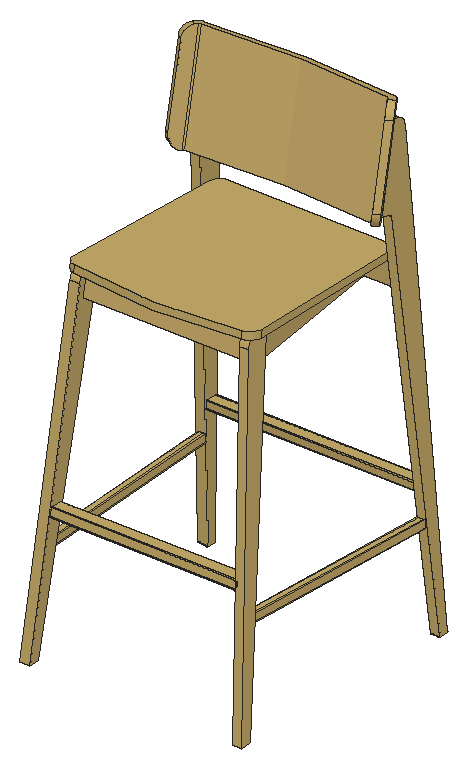
Revit family "FU_Stool_Sandler_Offset 3-1", category Furniture, Revit 2020
Family settings
  OmniClass Number = 23.40.20.00
  OmniClass Title = General Furniture and Specialties
  Work Plane-Based = No
  Always vertical = Yes
  Cut with Voids When Loaded = No
  Shared = No
  Room Calculation Point = No
Parameters (values of type "Offset 3.1")
  Width = 515 mm
  URL = "https://www.sandlerseating.com/product/offset-3-1/"
  Model = "Offset 3.1"
  Manufacturer = "Sandler"
  Height = 1045 mm
  Frame [instance] = Wood - Beech - 1024 Mustard
  Description = "Barstool with beech frame and wood seat and back."
  Depth = 520 mm
  Default Elevation = 0 mm
Reference planes
  plane 1 "Center (Front/Back)": y = 0
  plane 2: z = 0
  plane 3 "Center (Left/Right)": x = 0
  plane 4 "Right": x = -257.5
  plane 5 "Left": x = 257.5
  plane 6 "Back": y = 260
  plane 7 "Front": y = -260
  plane 8 "Height": z = 1045
  plane 9 "Seat height": z = 780
  plane 10 "BLL FRONT": through (247.5, -1524, 0.937) normal (-0.9986, 0, -0.0521)
  plane 11 "FLL FRONT": through (225.856, -1524, 0.915) normal (-0.998, 0, -0.0637)
  plane 12 "Seat Frame L TOP": through (178.677, -135.231, 1200) normal (-0.9878, -0.1554, 0)
  plane 13 "Stretch L TOP": through (211.103, -205.441, 1200) normal (-0.9986, 0.0534, 0)
  plane 14 "Stretch L RIGHT": z = 218.822
  plane 15 "Seat Base RIGHT": through (4267.2, -138.71, 729.062) normal (0, 0.0228, 0.9997)
  plane 16 "back angle right": through (4267.2, 161.186, 815.142) normal (0, -0.98, 0.199)
  plane 17 "back angle": through (-223.392, 154.748, 1200) normal (-0.7996, 0.6006, 0)
Forms (mm)
  Extrusion 1, solid, material "Wood - Beech - 1024 Mustard" <- "Frame"
    sketch origin (246.878, 0, 12.868) x (0.05205, 0, -0.998644) y (0, -1, 0)
      loop
        line (11.725, -239.873) -> (-808.902, -166.155)
        arc (-808.902, -166.155) -> (-811.141, -165.222) -> (-812.441, -163.174) r 4.035
        line (-812.441, -163.174) -> (-818.299, -141.169)
        arc (-818.299, -141.169) -> (-819.044, -140.162) -> (-820.277, -139.937) r 1.703
        line (-820.277, -139.937) -> (-980.841, -171.781)
        arc (-980.841, -171.781) -> (-981.997, -172.474) -> (-982.452, -173.743) r 2
        line (-982.452, -173.743) -> (-982.452, -188.595)
        arc (-982.452, -188.595) -> (-977.497, -202.935) -> (-963.817, -209.496) r 19.69
        line (-963.817, -209.496) -> (11.514, -259.923)
        arc (11.514, -259.923) -> (12.561, -259.536) -> (13.002, -258.51) r 1.415
        line (13.002, -258.51) -> (13.002, -241.271)
        arc (13.002, -241.271) -> (12.635, -240.324) -> (11.725, -239.873) r 1.403
    from -10 to 10
  Extrusion 2, solid, material "Wood - Beech - 1024 Mustard" <- "Frame"
    sketch origin (224.998, 0, 14.354) x (0.063666, 0, -0.997971) y (0, -1, 0)
      loop
        line (14.358, 237.808) -> (14.358, 260.148) -> (-698.693, 184.555)
        arc (-698.693, 184.555) -> (-710.67, 179.402) -> (-716.708, 167.846) r 19.468
        line (-716.708, 167.846) -> (-716.708, 140.693)
        arc (-716.708, 140.693) -> (-715.666, 138.402) -> (-713.255, 137.682) r 3.039
        line (-713.255, 137.682) -> (14.358, 237.808)
    from -10 to 10
  Extrusion 3, solid, material "Wood - Beech - 1024 Mustard" <- "Frame"
    sketch origin (-224.998, 0, 14.354) x (-0.063666, 0, -0.997971) y (0, 1, 0)
      loop
        line (14.358, -237.808) -> (-713.255, -137.682)
        arc (-713.255, -137.682) -> (-715.666, -138.402) -> (-716.708, -140.693) r 3.039
        line (-716.708, -140.693) -> (-716.708, -167.846)
        arc (-716.708, -167.846) -> (-710.67, -179.402) -> (-698.693, -184.555) r 19.468
        line (-698.693, -184.555) -> (14.358, -260.148) -> (14.358, -237.808)
    from -10 to 10
  Extrusion 4, solid, material "Wood - Beech - 1024 Mustard" <- "Frame"
    sketch origin (153.6, 24.165, 0) x (0.155413, -0.98785, 0) y (0, 0, 1)
      loop
        line (166.451, 729.062) -> (-160.479, 721.702) -> (-166.426, 671.847) -> (173.338, 679.496) -> (166.451, 729.062)
    from -10 to 10
  Extrusion 5, solid, material "Wood - Beech - 1024 Mustard" <- "Frame"
    sketch origin (0, 0, 0) x (0, 1, 0) y (0, 0, 1)
      loop
        line (-29.154, 676.844) -> (-29.154, 726.565) -> (-47.69, 726.987) -> (-47.69, 677.267) -> (-29.154, 676.844)
    from -160 to 160
  Extrusion 6, solid, material "Wood - Beech - 1024 Mustard" <- "Frame"
    sketch origin (0, 0, 0) x (0, 1, 0) y (0, 0, 1)
      loop
        line (199.068, 721.298) -> (180.816, 721.782) -> (186.778, 671.825) -> (205.023, 671.409) -> (199.068, 721.298)
    from -210 to 210
  Extrusion 7, solid, material "Wood - Beech - 1024 Mustard" <- "Frame"
    sketch origin (-153.6, 24.165, 0) x (-0.155413, -0.98785, 0) y (0, 0, -1)
      loop
        line (166.451, -729.062) -> (173.338, -679.496) -> (-166.426, -671.847) -> (-160.479, -721.702) -> (166.451, -729.062)
    from -10 to 10
  Extrusion 8, solid, material "Wood - Beech - 1024 Mustard" <- "Frame"
    sketch origin (0, 0, 0) x (0, 1, 0) y (0, 0, 1)
      loop
        line (-174.355, 680.199) -> (-154.427, 679.672) -> (-147.66, 728.972) -> (-167.66, 728.972) -> (-174.355, 680.199)
    from -180 to 180
  Extrusion 9, solid, material "Wood - Beech - 1024 Mustard" <- "Frame"
    sketch origin (0, 0, 0) x (0, 1, 0) y (0, 0, 1)
      loop
        arc (-229.508, 276.998) -> (-229.132, 275.837) -> (-228.017, 275.34) r 1.5
        line (-228.017, 275.34) -> (-205.586, 275.34)
        arc (-205.586, 275.34) -> (-204.576, 275.718) -> (-204.063, 276.667) r 1.537
        line (-204.063, 276.667) -> (-201.747, 293.461)
        arc (-201.747, 293.461) -> (-202.102, 294.652) -> (-203.233, 295.166) r 1.5
        line (-203.233, 295.166) -> (-226.231, 295.166)
        arc (-226.231, 295.166) -> (-227.234, 294.782) -> (-227.722, 293.825) r 1.5
        line (-227.722, 293.825) -> (-229.508, 276.998)
    from -200 to 200
  Extrusion 10, solid, material "Wood - Beech - 1024 Mustard" <- "Frame"
    sketch origin (0, 14.807, 0) x (0, -1, 0) y (0, 0, -1)
      loop
        line (-229.821, -276.998) -> (-228.035, -293.825)
        arc (-228.035, -293.825) -> (-227.546, -294.782) -> (-226.543, -295.166) r 1.5
        line (-226.543, -295.166) -> (-203.233, -295.166)
        arc (-203.233, -295.166) -> (-202.102, -294.652) -> (-201.747, -293.461) r 1.5
        line (-201.747, -293.461) -> (-204.063, -276.667)
        arc (-204.063, -276.667) -> (-204.576, -275.718) -> (-205.586, -275.34) r 1.537
        line (-205.586, -275.34) -> (-228.329, -275.34)
        arc (-228.329, -275.34) -> (-229.444, -275.837) -> (-229.821, -276.998) r 1.5
    from -227 to 227
  Sweep 11, solid, material "Wood - Beech - 1024 Mustard" <- "Frame"
    path origin (0, 0, 218.822) x (0, -1, 0) y (1, 0, 0)
      loop
        line (212.576, 210.722) -> (-221.805, 233.934)
    profile origin (222.328, 4.615, 218.822) x (-0.998575, 0.05336, 0) y (0, 0, 1)
      loop
        line (-5.5, -10) -> (5.5, -10)
        arc (5.5, -10) -> (6.914, -9.414) -> (7.5, -8) r 2
        line (7.5, -8) -> (7.5, 8.035)
        arc (7.5, 8.035) -> (6.924, 9.424) -> (5.535, 10) r 1.965
        line (5.535, 10) -> (-5.5, 10)
        arc (-5.5, 10) -> (-6.914, 9.414) -> (-7.5, 8) r 2
        line (-7.5, 8) -> (-7.5, -8)
        arc (-7.5, -8) -> (-6.914, -9.414) -> (-5.5, -10) r 2
  Sweep 12, solid, material "Wood - Beech - 1024 Mustard" <- "Frame"
    path origin (0, 0, 218.822) x (0, -1, 0) y (-1, 0, 0)
      loop
        line (212.576, 210.722) -> (-221.805, 233.934)
    profile origin (-222.328, 4.615, 218.822) x (-0.998575, -0.05336, 0) y (0, 0, 1)
      loop
        arc (5.5, -10) -> (6.914, -9.414) -> (7.5, -8) r 2
        line (7.5, -8) -> (7.5, 8)
        arc (7.5, 8) -> (6.914, 9.414) -> (5.5, 10) r 2
        line (5.5, 10) -> (-5.535, 10)
        arc (-5.535, 10) -> (-6.924, 9.424) -> (-7.5, 8.035) r 1.965
        line (-7.5, 8.035) -> (-7.5, -8)
        arc (-7.5, -8) -> (-6.914, -9.414) -> (-5.5, -10) r 2
        line (-5.5, -10) -> (5.5, -10)
  Extrusion 13, solid, material "Wood - Beech - 1024 Mustard" <- "Frame"
    sketch origin (0, 16.534, 725.524) x (0, -0.99974, 0.022783) y (1, 0, 0)
      loop
        line (-193.406, 165.937) -> (-193.406, -165.937)
        arc (-193.406, -165.937) -> (-186.019, -184.091) -> (-168.055, -191.929) r 26
        line (-168.055, -191.929) -> (179.341, -200.596)
        arc (179.341, -200.596) -> (196.233, -193.986) -> (205.131, -178.179) r 27
        arc (205.131, -178.179) -> (220.321, 0) -> (205.131, 178.179) r 1052.611
        arc (205.131, 178.179) -> (196.233, 193.986) -> (179.341, 200.596) r 27
        line (179.341, 200.596) -> (-168.055, 191.929)
        arc (-168.055, 191.929) -> (-186.019, 184.091) -> (-193.406, 165.937) r 26
    from 0 to 15
  Extrusion 14, solid, material "Wood - Beech - 1024 Mustard" <- "Frame"
    sketch origin (-246.878, 0, 12.868) x (-0.05205, 0, -0.998644) y (0, 1, 0)
      loop
        arc (11.725, 239.873) -> (12.635, 240.324) -> (13.002, 241.271) r 1.403
        line (13.002, 241.271) -> (13.002, 258.51)
        arc (13.002, 258.51) -> (12.561, 259.536) -> (11.514, 259.923) r 1.415
        line (11.514, 259.923) -> (-963.817, 209.496)
        arc (-963.817, 209.496) -> (-977.497, 202.935) -> (-982.452, 188.595) r 19.69
        line (-982.452, 188.595) -> (-982.452, 173.743)
        arc (-982.452, 173.743) -> (-981.997, 172.474) -> (-980.841, 171.781) r 2
        line (-980.841, 171.781) -> (-820.277, 139.937)
        arc (-820.277, 139.937) -> (-819.044, 140.162) -> (-818.299, 141.169) r 1.703
        line (-818.299, 141.169) -> (-812.441, 163.174)
        arc (-812.441, 163.174) -> (-811.141, 165.222) -> (-808.902, 166.155) r 4.035
        line (-808.902, 166.155) -> (11.725, 239.873)
    from -10 to 10
Dimensions and locks
  equal spacing: plane 4 "Right", plane 3 "Center (Left/Right)", plane 5 "Left"
  "Width": plane 4 "Right" to plane 5 "Left"
  equal spacing: plane 6 "Back", plane 1 "Center (Front/Back)", plane 7 "Front"
  "Depth": plane 6 "Back" to plane 7 "Front"
  "Height": plane 8 "Height" to level
  plane 9 "Seat height" to level = 780 mm
  aligned and locked: level to plane 2
Automatic sketch dimensions
  Extrusion 1 sketch curve to plane 6 "Back" = 86.257 mm
  Extrusion 1 sketch curve to plane 6 "Back" = 88.219 mm
  Extrusion 1 sketch curve to Extrusion 1 sketch curve = 1.611 mm
  Extrusion 1 sketch curve to plane 6 "Back" = 50.504 mm
  Extrusion 1 sketch curve to Extrusion 1 sketch curve = 18.635 mm
  Extrusion 1 sketch curve to Extrusion 1 sketch curve = 19.651 mm
  Extrusion 1 sketch curve to plane 6 "Back" = 120.063 mm
  Extrusion 1 sketch curve to Extrusion 1 sketch curve = 142.524 mm
  Extrusion 1 sketch curve to Extrusion 1 sketch curve = 0.331 mm
  Extrusion 1 sketch curve to plane 6 "Back" = 118.831 mm
  Extrusion 1 sketch curve to Extrusion 1 sketch curve = 1.646 mm
  Extrusion 1 sketch curve to plane 6 "Back" = 96.826 mm
  Extrusion 1 sketch curve to Extrusion 1 sketch curve = 5.859 mm
  Extrusion 1 sketch curve to plane 6 "Back" = 93.845 mm
  Extrusion 1 sketch curve to Extrusion 1 sketch curve = 3.538 mm
  Extrusion 1 sketch curve to Extrusion 1 sketch curve = 3.899 mm
  Extrusion 1 sketch curve to plane 6 "Back" = 0.077 mm
  Extrusion 1 sketch curve to Extrusion 1 sketch curve = 820.416 mm
  Extrusion 1 sketch curve to Extrusion 1 sketch curve = 0.073 mm
  Extrusion 1 sketch curve to Extrusion 1 sketch curve = 0.012 mm
  Extrusion 1 sketch curve to plane 6 "Back" = 20.127 mm
  Extrusion 1 sketch curve to Extrusion 1 sketch curve = 0.126 mm
  Extrusion 1 sketch curve to Extrusion 1 sketch curve = 1.403 mm
  Extrusion 1 sketch curve to Extrusion 1 sketch curve = 19.664 mm
  plane 7 "Front" to Extrusion 2 sketch curve = 92.154 mm
  Extrusion 2 sketch curve to Extrusion 2 sketch curve = 3.039 mm
  plane 7 "Front" to Extrusion 2 sketch curve = 122.318 mm
  Extrusion 2 sketch curve to Extrusion 2 sketch curve = 0.414 mm
  plane 7 "Front" to Extrusion 2 sketch curve = 75.445 mm
  Extrusion 2 sketch curve to Extrusion 2 sketch curve = 18.016 mm
  Extrusion 2 sketch curve to Extrusion 2 sketch curve = 1.262 mm
  plane 7 "Front" to Extrusion 2 sketch curve = 22.192 mm
  Extrusion 2 sketch curve to Extrusion 2 sketch curve = 713.051 mm
  Extrusion 2 sketch curve to plane 7 "Front" = 0.148 mm
  plane 7 "Front" to Extrusion 3 sketch curve = 92.154 mm
  Extrusion 3 sketch curve to Extrusion 3 sketch curve = 3.039 mm
  plane 7 "Front" to Extrusion 3 sketch curve = 122.318 mm
  Extrusion 3 sketch curve to Extrusion 3 sketch curve = 0.414 mm
  plane 7 "Front" to Extrusion 3 sketch curve = 75.445 mm
  Extrusion 3 sketch curve to Extrusion 3 sketch curve = 18.016 mm
  Extrusion 3 sketch curve to Extrusion 3 sketch curve = 19.278 mm
  plane 7 "Front" to Extrusion 3 sketch curve = 22.192 mm
  Extrusion 3 sketch curve to Extrusion 3 sketch curve = 713.051 mm
  Extrusion 3 sketch curve to plane 7 "Front" = 0.148 mm
  Extrusion 4 sketch curve to plane 9 "Seat height" = 108.153 mm
  Extrusion 4 sketch curve to plane 9 "Seat height" = 58.298 mm
  Extrusion 4 sketch curve to Extrusion 4 sketch curve = 5.947 mm
  Extrusion 4 sketch curve to plane 9 "Seat height" = 50.938 mm
  Extrusion 4 sketch curve to Extrusion 4 sketch curve = 326.93 mm
  Extrusion 4 sketch curve to plane 9 "Seat height" = 100.504 mm
  Extrusion 4 sketch curve to Extrusion 4 sketch curve = 6.887 mm
  Extrusion 5 sketch curve to plane 15 "Seat Base RIGHT" = 0 mm  (x2)
  plane 1 "Center (Front/Back)" to Extrusion 5 sketch curve = 47.69 mm
  Extrusion 5 sketch curve to Extrusion 5 sketch curve = 18.536 mm
  Extrusion 5 sketch curve to Extrusion 5 sketch curve = 49.721 mm
  Extrusion 5 sketch curve to Extrusion 5 sketch curve = 0.422 mm
  Extrusion 6 sketch curve to plane 6 "Back" = 79.184 mm
  Extrusion 6 sketch curve to Extrusion 6 sketch curve = 5.962 mm
  Extrusion 6 sketch curve to Extrusion 6 sketch curve = 18.252 mm
  Extrusion 6 sketch curve to Extrusion 6 sketch curve = 18.244 mm
  Extrusion 6 sketch curve to plane 9 "Seat height" = 108.591 mm
  Extrusion 6 sketch curve to Extrusion 6 sketch curve = 0.416 mm
  Extrusion 6 sketch curve to Extrusion 6 sketch curve = 49.889 mm
  Extrusion 6 sketch curve to Extrusion 6 sketch curve = 0.484 mm
  Extrusion 7 sketch curve to plane 9 "Seat height" = 108.153 mm
  Extrusion 7 sketch curve to plane 9 "Seat height" = 58.298 mm
  Extrusion 7 sketch curve to Extrusion 7 sketch curve = 5.947 mm
  Extrusion 7 sketch curve to plane 9 "Seat height" = 50.938 mm
  Extrusion 7 sketch curve to Extrusion 7 sketch curve = 326.93 mm
  Extrusion 7 sketch curve to plane 9 "Seat height" = 100.504 mm
  Extrusion 7 sketch curve to Extrusion 7 sketch curve = 6.887 mm
  plane 7 "Front" to Extrusion 8 sketch curve = 85.645 mm
  Extrusion 8 sketch curve to Extrusion 8 sketch curve = 6.694 mm
  Extrusion 8 sketch curve to Extrusion 8 sketch curve = 19.928 mm
  Extrusion 8 sketch curve to plane 9 "Seat height" = 51.028 mm
  Extrusion 8 sketch curve to Extrusion 8 sketch curve = 20 mm
  Extrusion 8 sketch curve to Extrusion 8 sketch curve = 48.773 mm
  Extrusion 8 sketch curve to Extrusion 8 sketch curve = 0.526 mm
  plane 7 "Front" to Extrusion 9 sketch curve = 30.492 mm
  Extrusion 9 sketch curve to Extrusion 9 sketch curve = 1.492 mm  (x2)
  Extrusion 9 sketch curve to Extrusion 9 sketch curve = 1.786 mm
  Extrusion 9 sketch curve to Extrusion 9 sketch curve = 22.431 mm
  Extrusion 9 sketch curve to Extrusion 9 sketch curve = 1.522 mm
  Extrusion 9 sketch curve to Extrusion 9 sketch curve = 2.353 mm
  Extrusion 9 sketch curve to Extrusion 9 sketch curve = 1.486 mm
  plane 14 "Stretch L RIGHT" to Extrusion 9 sketch curve = 56.517 mm
  Extrusion 9 sketch curve to Extrusion 9 sketch curve = 1.327 mm
  Extrusion 9 sketch curve to Extrusion 9 sketch curve = 1.5 mm
  Extrusion 9 sketch curve to Extrusion 9 sketch curve = 16.795 mm
  Extrusion 9 sketch curve to Extrusion 9 sketch curve = 16.827 mm
  Extrusion 9 sketch curve to Extrusion 9 sketch curve = 0.205 mm
  plane 6 "Back" to Extrusion 10 sketch curve = 15.372 mm
  Extrusion 10 sketch curve to Extrusion 10 sketch curve = 1.492 mm  (x2)
  Extrusion 10 sketch curve to Extrusion 10 sketch curve = 1.786 mm
  Extrusion 10 sketch curve to Extrusion 10 sketch curve = 22.743 mm
  Extrusion 10 sketch curve to Extrusion 10 sketch curve = 1.522 mm
  Extrusion 10 sketch curve to Extrusion 10 sketch curve = 2.353 mm
  Extrusion 10 sketch curve to Extrusion 10 sketch curve = 1.486 mm
  Extrusion 10 sketch curve to plane 14 "Stretch L RIGHT" = 56.517 mm
  Extrusion 10 sketch curve to Extrusion 10 sketch curve = 1.327 mm
  Extrusion 10 sketch curve to Extrusion 10 sketch curve = 1.5 mm
  Extrusion 10 sketch curve to Extrusion 10 sketch curve = 16.795 mm
  Extrusion 10 sketch curve to Extrusion 10 sketch curve = 16.827 mm
  Extrusion 10 sketch curve to Extrusion 10 sketch curve = 0.205 mm
  plane 13 "Stretch L TOP" to Sweep 11 sketch curve = 0 mm
  Sweep 11 sketch curve to plane 13 "Stretch L TOP" = 0 mm
  plane 5 "Left" to Sweep 11 sketch curve = 23.566 mm
  plane 5 "Left" to Sweep 11 sketch curve = 46.778 mm
  profile plane to Sweep 11 sketch curve = 7.5 mm
  Sweep 11 sketch curve to Sweep 11 sketch curve = 2 mm  (x3)
  Sweep 11 sketch curve to profile plane = 5.5 mm
  Sweep 11 sketch curve to profile plane = 5.535 mm
  Sweep 11 sketch curve to plane 14 "Stretch L RIGHT" = 10 mm
  plane 14 "Stretch L RIGHT" to Sweep 11 sketch curve = 8 mm
  plane 6 "Back" to Sweep 12 sketch curve = 38.195 mm
  plane 4 "Right" to Sweep 12 sketch curve = 46.778 mm
  Sweep 12 sketch curve to plane 7 "Front" = 47.424 mm
  plane 4 "Right" to Sweep 12 sketch curve = 23.566 mm
  profile plane to Sweep 12 sketch curve = 7.5 mm
  Sweep 12 sketch curve to Sweep 12 sketch curve = 1.965 mm
  Sweep 12 sketch curve to Sweep 12 sketch curve = 2 mm  (x2)
  Sweep 12 sketch curve to profile plane = 5.5 mm  (x2)
  Sweep 12 sketch curve to plane 14 "Stretch L RIGHT" = 10 mm
  plane 14 "Stretch L RIGHT" to Sweep 12 sketch curve = 8 mm
  Extrusion 13 sketch curve to plane 3 "Center (Left/Right)" = 0 mm
  Extrusion 13 sketch curve to plane 4 "Right" = 91.563 mm
  Extrusion 13 sketch curve to Extrusion 13 sketch curve = 638.884 mm
  Extrusion 13 sketch curve to plane 4 "Right" = 65.571 mm
  Extrusion 13 sketch curve to Extrusion 13 sketch curve = 25.352 mm  (x2)
  plane 5 "Left" to Extrusion 13 sketch curve = 65.571 mm
  Extrusion 13 sketch curve to Extrusion 13 sketch curve = 26 mm
  Extrusion 13 sketch curve to plane 4 "Right" = 83.892 mm
  Extrusion 13 sketch curve to Extrusion 13 sketch curve = 345.927 mm  (x2)
  plane 5 "Left" to Extrusion 13 sketch curve = 83.892 mm
  plane 5 "Left" to Extrusion 13 sketch curve = 56.904 mm
  Extrusion 13 sketch curve to Extrusion 13 sketch curve = 0.821 mm  (x2)
  Extrusion 13 sketch curve to plane 4 "Right" = 56.904 mm
  Extrusion 13 sketch curve to Extrusion 13 sketch curve = 0 mm
  Extrusion 14 sketch curve to plane 6 "Back" = 86.257 mm
  Extrusion 14 sketch curve to plane 6 "Back" = 88.219 mm
  Extrusion 14 sketch curve to Extrusion 14 sketch curve = 1.611 mm
  Extrusion 14 sketch curve to plane 6 "Back" = 50.504 mm
  Extrusion 14 sketch curve to Extrusion 14 sketch curve = 18.635 mm
  Extrusion 14 sketch curve to Extrusion 14 sketch curve = 1.017 mm
  Extrusion 14 sketch curve to plane 6 "Back" = 120.063 mm
  Extrusion 14 sketch curve to Extrusion 14 sketch curve = 142.524 mm
  Extrusion 14 sketch curve to Extrusion 14 sketch curve = 0.331 mm
  Extrusion 14 sketch curve to plane 6 "Back" = 118.831 mm
  Extrusion 14 sketch curve to Extrusion 14 sketch curve = 1.646 mm
  Extrusion 14 sketch curve to plane 6 "Back" = 96.826 mm
  Extrusion 14 sketch curve to Extrusion 14 sketch curve = 5.859 mm
  Extrusion 14 sketch curve to plane 6 "Back" = 93.845 mm
  Extrusion 14 sketch curve to Extrusion 14 sketch curve = 3.538 mm
  Extrusion 14 sketch curve to Extrusion 14 sketch curve = 3.899 mm
  Extrusion 14 sketch curve to plane 6 "Back" = 0.077 mm
  Extrusion 14 sketch curve to Extrusion 14 sketch curve = 820.416 mm
  Extrusion 14 sketch curve to Extrusion 14 sketch curve = 0.073 mm
  Extrusion 14 sketch curve to Extrusion 14 sketch curve = 0.012 mm
  Extrusion 14 sketch curve to plane 6 "Back" = 20.127 mm
  Extrusion 14 sketch curve to Extrusion 14 sketch curve = 0.126 mm
  Extrusion 14 sketch curve to Extrusion 14 sketch curve = 1.403 mm
  Extrusion 14 sketch curve to Extrusion 14 sketch curve = 14.852 mm
Nested families
  nested 1: "Offset_Back" at (0, 182.882, 148.998), Frame <- "Frame", type "Offset_Back"
    with Seat Fabric - Gravity - Frozen CPC27, Frame Wood - Beech - 1024 Mustard
Definition of nested family "Offset_Back"
  Parameters (values of type "Offset_Back")
    Width = 459 mm
    Seat [instance] = none
    Height = 895 mm
    Frame [instance] = none
    Depth = 57 mm
    Default Elevation = 0 mm
  Reference planes
    plane 1 "Center (Front/Back)": y = 0
    plane 2: z = 0
    plane 3 "Center (Left/Right)": x = 0
    plane 4 "Right": x = -229.5
    plane 5 "Left": x = 229.5
    plane 6 "Back": y = 28.5
    plane 7 "Front": y = -28.5
    plane 8 "Height": z = 895
    plane 9 "Backheight": z = 670
    plane 10 "Edge angle": through (-223.392, -52.344, 1200) normal (-0.7937, 0.6083, 0)
  Forms (mm)
    Sweep 1, solid, material <- "Frame"
      path origin (0, -155.879, 6.965) x (1, 0, 0) y (0, 0.199368, 0.979925)
        loop
          line (0, 670) -> (0, 895)
      profile "Pro_Offset Back : Pro_Offset Back" origin (0, 0.127, 773.756) x (-1, 0, 0) y (0, -0.979925, 0.199368)
        loop
          line (-222.085, 63.714) -> (-234.008, 54.576) -> (-214.134, 25.534)
          arc (-214.134, 25.534) -> (-209.052, 20.583) -> (-202.452, 17.981) r 18
          arc (-202.452, 17.981) -> (0, 0) -> (202.452, 17.981) r 1148.71
          arc (202.452, 17.981) -> (209.052, 20.583) -> (214.134, 25.534) r 18
          line (214.134, 25.534) -> (234.008, 54.576) -> (222.085, 63.714) -> (202.291, 34.788)
          arc (202.291, 34.788) -> (200.543, 33.101) -> (198.272, 32.241) r 6.027
          arc (198.272, 32.241) -> (0, 15) -> (-198.272, 32.241) r 1148.71
          arc (-198.272, 32.241) -> (-200.543, 33.101) -> (-202.291, 34.788) r 6.027
          line (-202.291, 34.788) -> (-222.085, 63.714)
    Extrusion 2, void
      sketch origin (-110.813, -63.236, -11.883) x (-0.60832, -0.777758, 0.158237) y (0, 0.199368, 0.979925)
        loop
          line (145.378, 915) -> (145.378, 896.25) -> (155.378, 896.25)
          arc (155.378, 896.25) -> (176.591, 887.463) -> (185.378, 866.25) r 30
          line (185.378, 866.25) -> (185.378, 698.75)
          arc (185.378, 698.75) -> (176.591, 677.537) -> (155.378, 668.75) r 30
          line (155.378, 668.75) -> (145.378, 668.75) -> (145.378, 640) -> (200.786, 640) -> (200.786, 915) -> (145.378, 915)
      from -35.977 to 29.019
    Extrusion 3, void
      sketch origin (110.813, -63.236, -11.883) x (0.60832, -0.777758, 0.158237) y (0, -0.199368, -0.979925)
        loop
          line (145.378, -915) -> (200.786, -915) -> (200.786, -640) -> (145.378, -640) -> (145.378, -668.75) -> (155.378, -668.75)
          arc (155.378, -668.75) -> (176.591, -677.537) -> (185.378, -698.75) r 30
          line (185.378, -698.75) -> (185.378, -866.25)
          arc (185.378, -866.25) -> (176.591, -887.463) -> (155.378, -896.25) r 30
          line (155.378, -896.25) -> (145.378, -896.25) -> (145.378, -915)
      from -35.977 to 20
  Cuts and joins
    Extrusion 2, Extrusion 3 cuts Sweep 1
  Dimensions and locks
    equal spacing: plane 4 "Right", plane 3 "Center (Left/Right)", plane 5 "Left"
    "Width": plane 4 "Right" to plane 5 "Left"
    equal spacing: plane 6 "Back", plane 1 "Center (Front/Back)", plane 7 "Front"
    "Depth": plane 6 "Back" to plane 7 "Front"
    "Height": plane 8 "Height" to level
    plane 8 "Height" to plane 9 "Backheight" = 225 mm
    aligned and locked: level to plane 2
  Automatic sketch dimensions
    Sweep 1 sketch curve to plane 3 "Center (Left/Right)" = 0 mm
    Sweep 1 sketch curve to Sweep 1 sketch curve = 225 mm
    Extrusion 2 sketch curve to Extrusion 2 sketch curve = 0 mm
    Extrusion 2 sketch curve to Extrusion 2 sketch curve = 10 mm  (x2)
    Extrusion 2 sketch curve to Extrusion 2 sketch curve = 30 mm
    Extrusion 2 sketch curve to Extrusion 2 sketch curve = 45.408 mm
    Extrusion 2 sketch curve to Extrusion 2 sketch curve = 28.75 mm
    Extrusion 2 sketch curve to Extrusion 2 sketch curve = 167.5 mm
    Extrusion 2 sketch curve to Extrusion 2 sketch curve = 18.75 mm
    Extrusion 3 sketch curve to Extrusion 3 sketch curve = 0 mm
    Extrusion 3 sketch curve to Extrusion 3 sketch curve = 10 mm  (x2)
    Extrusion 3 sketch curve to Extrusion 3 sketch curve = 30 mm
    Extrusion 3 sketch curve to Extrusion 3 sketch curve = 45.408 mm
    Extrusion 3 sketch curve to Extrusion 3 sketch curve = 18.75 mm
    Extrusion 3 sketch curve to Extrusion 3 sketch curve = 167.5 mm
    Extrusion 3 sketch curve to Extrusion 3 sketch curve = 28.75 mm
